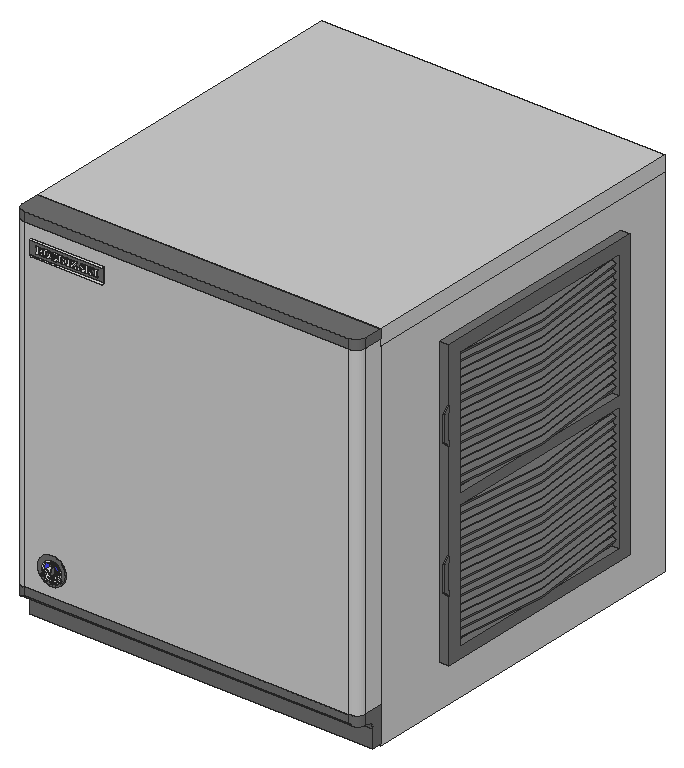
Revit family "QF_HOSHIZAKI_KMD-210ABE-HC", category Specialty Equipment, Revit 2016
Family settings
  Part Type = Normal
  Round Connector Dimension = Use Diameter
  OmniClass Number = 23.40.40.14
  OmniClass Title = Food Service Equipment
  Work Plane-Based = No
  Always vertical = Yes
  Cut with Voids When Loaded = No
  Shared = No
  Room Calculation Point = No
Parameters (values of type "KMD-210ABE-HC_230V/1Ph/50Hz")
  Weight = 57.00 kg
  Waste Remarks [instance] = ""
  Volts = 230 V
  URL Cutsheet = ""
  URL = "www.hoshizaki-europe.com"
  Status [instance] = ""
  Specification by User [instance] = ""
  Specification by Manufacturer [instance] = ""
  Serial Number = ""
  Seismic Rating = ""
  SMACNA No = ""
  Revision Code [instance] = ""
  Phase = 1
  Number of Poles = 2
  NAFEM Spec ID Number = ""
  Model = "KMD-210ABE-HC"
  Min Ckt Ampacity = 0 A
  Max Overcurrent Protection = 0 A
  Masterspec = ""
  Manufacturer = "HOSHIZAKI"
  Length Actual = 560 mm
  Item Number [instance] = ""
  Installed By [instance] = ""
  Indirect Waste Size = 19.05 mm
  Indirect Waste Connection Type [instance] = ""
  Indirect Waste Connection Height [instance] = 31 mm
  Identify Quantity as Lot [instance] = no
  Height Actual = 610 mm
  HP power = ""
  Furnished By [instance] = ""
  Foodservice Equipment Identifier [instance] = yes
  FL Amps = 2.95 A
  Electric power = 680 W
  Electric Connection Type [instance] = ""
  Elec Conn RI Height [instance] = 0 mm
  Elec Conn Connection Height [instance] = 587 mm
  Direct Waste RI Height [instance] = 0 mm
  Description = "MODULAR KM ICE MAKER, 275KG PER 24 HOURS, CRESCENT\r\n"
  Depth Actual = 625 mm
  Cycle = 50 Hz
  Cost = 0
  Conn Plug = ""
  Conn Conduit = no
  Cold Water Temperature Recommended = 0 °C
  Cold Water Size = 12.7 mm
  Cold Water Flow = 0.0 L/s
  Cold Water Connection Height [instance] = 546 mm
  CSI MasterFormat = ""
  Assembly Code = "E1090320"
  Apparent Power = 680 VA
  Accessory = no
Reference planes
  plane 1 "Center (Front/Back)": y = 0
  plane 2: z = 0
  plane 3 "Center (Left/Right)": x = 0
Forms (mm)
  Extrusion 1, solid, not visible
    sketch origin (506, -2, 586) x (1, 0, 0) y (0, 1, 0)
      loop
        line (0, 0) -> (2, 0) -> (2, 2) -> (0, 2) -> (0, 0)
    from 0 to 2
  Extrusion 2, solid, not visible
    sketch origin (323, -2, 545) x (1, 0, 0) y (0, 1, 0)
      loop
        line (0, 0) -> (2, 0) -> (2, 2) -> (0, 2) -> (0, 0)
    from 0 to 2
  Extrusion 3, solid, not visible
    sketch origin (385, -2, 30) x (1, 0, 0) y (0, 1, 0)
      loop
        line (0, 0) -> (2, 0) -> (2, 2) -> (0, 2) -> (0, 0)
    from 0 to 2
Dimensions and locks
  aligned and locked: level to plane 2
Nested families
  nested 1: "QF_HOSHIZAKI_KMD-210ABE-HC_230V_1Ph_50Hz" at (0, 0, 0), type "KMD-210ABE-HC_230V/1Ph/50Hz"
    with Show Logo yes, Show Clearance yes
Connectors
  electrical at (507, 0, 587), driven by "Apparent Power", driven by "Number of Poles", driven by "Volts"
    settings: on Extrusion 1, index 1, voltage 230 V, apparent load 0 VA, apparent load phase1 680 VA, apparent load phase2 0 VA, apparent load phase3 0 VA, power factor 1, load classification "Other", number of poles 2, system type 31, power factor state 1, is connector primary yes, connector utility no, sub classification motor no, connector description "Electric connection for 'KMD-210ABE-HC'"
  piping at (324, 0, 546), diameter 12.7, driven by "Cold Water Size", driven by "Cold Water Flow"
    settings: on Extrusion 2, index 2, connector inside diameter 609.6 mm, connector length 0 mm, flow factor 0, pipe flow 0.0 L/s, pressure drop 0.0 Pa, fitting loss kfactor 0, connector angle 0.00°, fixture units 0, engagement length 0 mm, angle of deflection 0.00°, flow configuration 1, flow direction 1, fitting loss method 0, system type 20, joint type 0, gender type 0, connector reference index -1, connector utility 0, adjustable connector no, is connector primary yes, connector description "Cold Water connection for 'KMD-210ABE-HC'"
  piping at (386, 0, 31), diameter 19.05, driven by "Indirect Waste Size"
    settings: on Extrusion 3, index 3, connector inside diameter 609.6 mm, connector length 0 mm, flow factor 0, pipe flow 0.0 L/s, pressure drop 0.0 Pa, fitting loss kfactor 0, connector angle 0.00°, fixture units 0, engagement length 0 mm, angle of deflection 0.00°, flow configuration 1, flow direction 2, fitting loss method 0, system type 16, joint type 0, gender type 0, connector reference index -1, connector utility 0, adjustable connector no, is connector primary no, connector description "Drain connection for 'KMD-210ABE-HC'"
Definition of nested family "QF_HOSHIZAKI_KMD-210ABE-HC_230V_1Ph_50Hz"
  Parameters (values of type "KMD-210ABE-HC_230V/1Ph/50Hz")
    URL = "www.hoshizaki-europe.com"
    Show Logo [instance] = yes
    Show Clearance [instance] = yes
    Model = "KMD-210ABE-HC"
    Manufacturer = "HOSHIZAKI"
    Description = "MODULAR KM ICE MAKER, 275KG PER 24 HOURS, CRESCENT"
    Assembly Code = "E1090320"
  Reference planes
    plane 1 "Back": y = 0
    plane 2: z = 0
    plane 3 "Left": x = 0
    plane 4 "Right": x = 560
    plane 5 "Front": y = -625
    plane 6 "Top": z = 610
  Forms (mm)
    Extrusion 1, solid
      sketch origin (0, 0, 40) x (0, 1, 0) y (0, 0, 1)
        loop
          line (0, -40) -> (0, 545) -> (-580, 545) -> (-580, -40) -> (0, -40)
      from 0 to 560
    Extrusion 2, solid
      sketch origin (0, 0, -85) x (0, 1, 0) y (0, 0, 1)
        loop
          line (-580, 695) -> (-580, 670) -> (0, 670) -> (0, 695) -> (-580, 695)
      from 560 to 0
    Extrusion 3, solid
      sketch origin (386, 5, 31) x (1, 0, 0) y (0, 0, 1)
        loop
          circle (0, 0) r 14
        loop
          circle (0, 0) r 12
      from 0 to 5
    Extrusion 4, solid
      sketch origin (324, 5, 546) x (1, 0, 0) y (0, 0, 1)
        loop
          circle (0, 0) r 14
        loop
          circle (0, 0) r 12
      from 0 to 5
    Extrusion 5, solid, visible <- "Show Logo"
      sketch origin (0, -625, 0) x (-1, 0, 0) y (0, 0, 1)
        loop
          line (-34.966, 567.015) -> (-40.766, 567.015) -> (-40.766, 565.73) -> (-38.944, 564.902) -> (-38.944, 562.682) -> (-43.554, 562.682) -> (-43.554, 564.902) -> (-41.731, 565.73) -> (-41.731, 567.015) -> (-47.532, 567.015) -> (-47.532, 565.73) -> (-46.098, 564.902) -> (-46.098, 558.114) -> (-47.532, 557.286) -> (-47.532, 556) -> (-41.731, 556) -> (-41.731, 557.286) -> (-43.554, 558.114) -> (-43.554, 560.673) -> (-38.944, 560.673) -> (-38.944, 558.114) -> (-40.766, 557.286) -> (-40.766, 556) -> (-34.966, 556) -> (-34.966, 557.286) -> (-36.4, 558.114) -> (-36.4, 564.902) -> (-34.966, 565.73) -> (-34.966, 567.015)
        loop
          spline (-53.399, 556.042) -> (-51.878, 556.229) -> (-50.461, 556.777) -> (-49.244, 557.649) -> (-48.31, 558.785) -> (-47.723, 560.108) -> (-47.523, 561.528) -> (-47.723, 562.949) -> (-48.31, 564.272) -> (-49.244, 565.408) -> (-50.461, 566.28) -> (-51.878, 566.828) -> (-53.399, 567.015)
          spline (-53.399, 567.015) -> (-54.92, 566.828) -> (-56.337, 566.28) -> (-57.554, 565.408) -> (-58.488, 564.272) -> (-59.075, 562.949) -> (-59.276, 561.528) -> (-59.075, 560.108) -> (-58.488, 558.785) -> (-57.554, 557.649) -> (-56.337, 556.777) -> (-54.92, 556.229) -> (-53.399, 556.042)
        loop
          spline (-53.299, 557.388) -> (-52.547, 557.529) -> (-51.847, 557.943) -> (-51.245, 558.601) -> (-50.784, 559.458) -> (-50.493, 560.457) -> (-50.394, 561.528) -> (-50.493, 562.6) -> (-50.784, 563.598) -> (-51.245, 564.456) -> (-51.847, 565.114) -> (-52.547, 565.527) -> (-53.299, 565.668)
          spline (-53.299, 565.668) -> (-54.051, 565.527) -> (-54.752, 565.114) -> (-55.353, 564.456) -> (-55.815, 563.598) -> (-56.105, 562.6) -> (-56.204, 561.528) -> (-56.105, 560.457) -> (-55.815, 559.458) -> (-55.353, 558.601) -> (-54.752, 557.943) -> (-54.051, 557.529) -> (-53.299, 557.388)
        loop
          line (-69.829, 567.094) -> (-69.829, 563.369) -> (-68.139, 563.369) -> (-66.541, 565.495)
          arc (-66.541, 565.495) -> (-65.019, 565.695) -> (-63.498, 565.495) r 5.879
          arc (-63.498, 565.495) -> (-62.682, 564.432) -> (-63.498, 563.369) r 1.1
          line (-63.498, 563.369) -> (-69.29, 561.817)
          arc (-69.29, 561.817) -> (-70.234, 559.317) -> (-69.29, 556.817) r 3.783
          arc (-69.29, 556.817) -> (-65.84, 555.742) -> (-62.391, 556.817) r 6.071
          line (-62.391, 556.817) -> (-61.743, 556.17) -> (-59.855, 556.17) -> (-59.855, 559.779) -> (-61.862, 559.779) -> (-63.839, 557.802)
          arc (-63.839, 557.802) -> (-65.344, 557.537) -> (-66.85, 557.802) r 4.401
          arc (-66.85, 557.802) -> (-67.476, 558.697) -> (-66.85, 559.592) r 0.953
          line (-66.85, 559.592) -> (-61.612, 561.499)
          arc (-61.612, 561.499) -> (-59.989, 563.999) -> (-61.612, 566.499) r 2.737
          arc (-61.612, 566.499) -> (-64.578, 567.129) -> (-67.544, 566.499) r 7.289
          line (-67.544, 566.499) -> (-68.139, 567.094) -> (-69.829, 567.094)
        loop
          line (-71.301, 567.015) -> (-77.102, 567.015) -> (-77.102, 565.73) -> (-75.279, 564.902) -> (-75.279, 562.682) -> (-79.89, 562.682) -> (-79.89, 564.902) -> (-78.067, 565.73) -> (-78.067, 567.015) -> (-83.867, 567.015) -> (-83.867, 565.73) -> (-82.433, 564.902) -> (-82.433, 558.114) -> (-83.867, 557.286) -> (-83.867, 556) -> (-78.067, 556) -> (-78.067, 557.286) -> (-79.89, 558.114) -> (-79.89, 560.673) -> (-75.279, 560.673) -> (-75.279, 558.114) -> (-77.102, 557.286) -> (-77.102, 556) -> (-71.301, 556) -> (-71.301, 557.286) -> (-72.736, 558.114) -> (-72.736, 564.902) -> (-71.301, 565.73) -> (-71.301, 567.015)
        loop
          line (-90.776, 567.015) -> (-90.776, 565.73) -> (-89.342, 564.902) -> (-89.342, 558.114) -> (-90.776, 557.286) -> (-90.776, 556) -> (-84.989, 556) -> (-84.989, 557.286) -> (-86.423, 558.114) -> (-86.423, 564.902) -> (-84.989, 565.73) -> (-84.989, 567.015) -> (-90.776, 567.015)
        loop
          line (-92.073, 567.015) -> (-101.842, 567.015) -> (-101.842, 565.297) -> (-95.543, 557.791) -> (-98.873, 557.791) -> (-100.144, 558.681) -> (-100.144, 560.456) -> (-101.842, 560.456) -> (-101.842, 556) -> (-92.073, 556) -> (-92.073, 557.791) -> (-97.907, 564.744) -> (-97.907, 565.637) -> (-94.625, 565.637) -> (-93.746, 564.758) -> (-93.746, 562.341) -> (-92.073, 562.341) -> (-92.073, 567.015)
        loop
          line (-102.808, 556) -> (-102.808, 557.427) -> (-103.934, 557.427) -> (-107.808, 567.015) -> (-109.97, 567.015) -> (-113.886, 557.791) -> (-114.741, 557.791) -> (-114.741, 556) -> (-109.113, 556) -> (-109.113, 557.427) -> (-110.221, 557.427) -> (-111.13, 558.335) -> (-110.247, 559.596) -> (-106.153, 559.596) -> (-105.593, 558.058) -> (-106.224, 557.427) -> (-107.808, 557.427) -> (-107.808, 556) -> (-102.808, 556)
        loop
          line (-115.159, 567.015) -> (-120.444, 567.015) -> (-120.444, 565.595) -> (-119.405, 565.595) -> (-119.405, 561.351) -> (-123.648, 565.595) -> (-122.274, 565.595) -> (-122.274, 567.015) -> (-127.274, 567.015) -> (-127.274, 565.595) -> (-125.79, 565.595) -> (-123.002, 562.806) -> (-127.274, 557.791) -> (-128.486, 557.791) -> (-128.486, 556) -> (-122.274, 556) -> (-122.274, 557.791) -> (-123.993, 557.791) -> (-120.99, 560.794) -> (-119.405, 559.209) -> (-119.405, 557.791) -> (-120.444, 557.791) -> (-120.444, 556) -> (-115.444, 556) -> (-115.444, 557.791) -> (-116.869, 557.791) -> (-116.869, 565.595) -> (-115.159, 565.595) -> (-115.159, 567.015)
        loop
          line (-135, 567.015) -> (-135, 565.73) -> (-133.566, 564.902) -> (-133.566, 558.114) -> (-135, 557.286) -> (-135, 556) -> (-129.213, 556) -> (-129.213, 557.286) -> (-130.648, 558.114) -> (-130.648, 564.902) -> (-129.213, 565.73) -> (-129.213, 567.015) -> (-135, 567.015)
        loop
          line (-108.15, 564.538) -> (-109.61, 561.096) -> (-106.759, 561.096) -> (-108.15, 564.538)
      from 1 to -1.5
    Extrusion 6, solid, visible <- "Show Logo"
      sketch origin (0, -625, 0) x (-1, 0, 0) y (0, 0, 1)
        loop
          line (-25, 572) -> (-145, 572) -> (-145, 551) -> (-25, 551) -> (-25, 572)
      from 1 to -1
    Extrusion 7, solid, visible <- "Show Logo"
      sketch origin (0, -625, 0) x (-1, 0, 0) y (0, 0, 1)
        loop
          line (-28, 575) -> (-142, 575)
          arc (-142, 575) -> (-144.121, 574.121) -> (-145, 572) r 3
          line (-145, 572) -> (-25, 572)
          arc (-25, 572) -> (-25.879, 574.121) -> (-28, 575) r 3
        loop
          line (-142, 548) -> (-28, 548)
          arc (-28, 548) -> (-25.879, 548.879) -> (-25, 551) r 3
          line (-25, 551) -> (-145, 551)
          arc (-145, 551) -> (-144.121, 548.879) -> (-142, 548) r 3
      from 1 to -1
    Extrusion 8, solid
      sketch origin (0, 0, 0) x (1, 0, 0) y (0, 1, 0)
        loop
          line (15, -625) -> (545, -625)
          arc (545, -625) -> (555.607, -620.607) -> (560, -610) r 15
          line (560, -610) -> (560, -580) -> (0, -580) -> (0, -610)
          arc (0, -610) -> (4.393, -620.607) -> (15, -625) r 15
      from 595 to 610
    Extrusion 9, solid
      sketch origin (0, 0, 2) x (1, 0, 0) y (0, 1, 0)
        loop
          line (0, -580) -> (0, -610)
          arc (0, -610) -> (4.393, -620.607) -> (15, -625) r 15
          line (15, -625) -> (545, -625)
          arc (545, -625) -> (555.607, -620.607) -> (560, -610) r 15
          line (560, -610) -> (560, -580) -> (0, -580)
      from 593 to 58
    Extrusion 10, solid, visible <- "Show Logo"
      sketch origin (519.884, -624.5, -1762.5) x (-1, 0, 0) y (0, 0, -1)
        loop
          circle (459.884, -1862.5) r 13.99
      from -0.5 to 2
    Extrusion 11, solid, visible <- "Show Logo"
      sketch origin (519.884, -625, -1762.5) x (-1, 0, 0) y (0, 0, -1)
        loop
          circle (459.884, -1862.5) r 15
        loop
          arc (446.884, -1862.5) -> (460.705, -1875.474) -> (472.781, -1860.863) r 13
          line (472.781, -1860.863) -> (470.355, -1858.437) -> (469.346, -1862.201) -> (466.355, -1863.928) -> (465.024, -1865.26) -> (463.375, -1865.26) -> (462.04, -1870.241) -> (457.755, -1870.241) -> (459.339, -1867.979) -> (460.402, -1864.014) -> (461.224, -1860.945) -> (462.416, -1856.497) -> (461.216, -1855.297) -> (459.433, -1857.843) -> (455.784, -1851.523) -> (460.361, -1851.523) -> (461.471, -1853.446) -> (469.213, -1853.446)
          arc (469.213, -1853.446) -> (460.394, -1849.51) -> (451.293, -1852.743) r 13
          line (451.293, -1852.743) -> (455.577, -1853.891) -> (453.752, -1856.497) -> (455.349, -1856.497) -> (454.477, -1866.459) -> (452.538, -1866.459) -> (446.884, -1862.5)
        loop
          line (447.853, -1857.467) -> (452.313, -1861.926) -> (450.144, -1853.891)
          arc (450.144, -1853.891) -> (448.878, -1855.602) -> (447.853, -1857.467) r 15.828
        loop
          line (463.583, -1862.877) -> (466.64, -1862.399) -> (464.901, -1861.285) -> (463.583, -1857.664) -> (463.583, -1862.877)
        loop
          line (464.827, -1855.979) -> (468.296, -1856.908) -> (469.573, -1854.916) -> (468.881, -1854.224) -> (467.914, -1855.035) -> (464.827, -1855.979)
        loop
          line (462.609, -1872.307) -> (462.609, -1874.009) -> (464.927, -1873.388) -> (462.609, -1872.307)
        loop
          line (460.361, -1874.662) -> (459.594, -1873.335) -> (460.801, -1872.638) -> (459.186, -1872.205) -> (458.298, -1874.11) -> (460.361, -1874.662)
        loop
          line (459.623, -1846.783) -> (460.706, -1845.701) -> (462.247, -1845.701) -> (461.191, -1844.645) -> (461.503, -1842.874) -> (459.623, -1843.959) -> (457.743, -1842.874) -> (458.055, -1844.645) -> (456.999, -1845.701) -> (458.54, -1845.701) -> (459.623, -1846.783)
        loop
          line (446.86, -1853.7) -> (446.594, -1852.191) -> (447.478, -1850.929) -> (446.007, -1851.188) -> (444.736, -1849.917) -> (444.547, -1852.08) -> (442.579, -1852.997) -> (444.209, -1853.757) -> (444.468, -1855.228) -> (445.352, -1853.965) -> (446.86, -1853.7)
        loop
          line (452.395, -1848.68) -> (452.856, -1847.219) -> (454.223, -1846.508) -> (452.799, -1846.059) -> (452.258, -1844.344) -> (451.091, -1846.175) -> (448.922, -1846.08) -> (450.017, -1847.507) -> (449.568, -1848.931) -> (450.935, -1848.219) -> (452.395, -1848.68)
        loop
          line (472.909, -1853.7) -> (474.417, -1853.965) -> (475.301, -1855.228) -> (475.56, -1853.757) -> (477.19, -1852.997) -> (475.222, -1852.08) -> (475.033, -1849.917) -> (473.761, -1851.188) -> (472.291, -1850.929) -> (473.175, -1852.191) -> (472.909, -1853.7)
        loop
          line (467.374, -1848.68) -> (468.834, -1848.219) -> (470.201, -1848.931) -> (469.752, -1847.507) -> (470.847, -1846.08) -> (468.678, -1846.175) -> (467.511, -1844.344) -> (466.97, -1846.059) -> (465.546, -1846.508) -> (466.913, -1847.219) -> (467.374, -1848.68)
      from 0 to 2
    Extrusion 12, solid, visible <- "Show Logo"
      sketch origin (519.884, -625, -1762.5) x (-1, 0, 0) y (0, 0, -1)
        loop
          line (462.609, -1874.009) -> (462.609, -1872.307) -> (462.085, -1870.241) -> (457.755, -1870.241) -> (459.339, -1867.979) -> (462.416, -1856.497) -> (461.216, -1855.297) -> (459.433, -1857.843) -> (455.808, -1851.565) -> (453.948, -1851.565) -> (455.577, -1853.891) -> (454.477, -1866.459) -> (456.345, -1871.339)
          arc (456.345, -1871.339) -> (456.868, -1874.025) -> (459.213, -1875.435) r 3.366
          arc (459.213, -1875.435) -> (460.198, -1875.496) -> (461.183, -1875.435) r 8.046
          line (461.183, -1875.435) -> (462.609, -1874.009)
        loop
          line (456.854, -1851.523) -> (460.361, -1851.523) -> (460.916, -1852.485) -> (462.702, -1852.485) -> (463.779, -1851.407) -> (460.623, -1851.407) -> (461.563, -1850.468) -> (456.245, -1850.468) -> (456.854, -1851.523)
        loop
          line (460.361, -1874.662) -> (459.594, -1873.335) -> (460.801, -1872.638) -> (459.186, -1872.205) -> (458.298, -1874.11) -> (460.361, -1874.662)
      from 0 to 2
    Extrusion 13, solid, visible <- "Show Logo"
      sketch origin (-265.5, -624, -338.904) x (1, 0, 0) y (0, 0, 1)
        loop
          circle (325.5, 438.904) r 22.5
      from 0 to 2
    Extrusion 14, solid
      sketch origin (432, -990, 209.5) x (-1, 0, 0) y (0, 0, 1)
        loop
          line (-128, 310.5) -> (-131, 310.5) -> (-131, -121.474) -> (-128, -121.474) -> (-128, 310.5)
      from 878 to 552
    Extrusion 15, solid
      sketch origin (560, -475, 61) x (0, -1, 0) y (0, 0, 1)
        loop
          line (-15, 9) -> (-15, 479) -> (-385, 479) -> (-385, 9) -> (-15, 9)
        loop
          line (-37, 459) -> (-363, 459) -> (-363, 251.013) -> (-37, 251.013) -> (-37, 459)
        loop
          line (-363, 27.026) -> (-37, 27.026) -> (-37, 235.013) -> (-363, 235.013) -> (-363, 27.026)
      from 0 to -16
    Extrusion 16, solid
      sketch origin (178.885, -588.25, 735.605) x (0, 1, 0) y (-0.866025, 0, 0.5)
        loop
          line (150.25, -443) -> (150.25, -450.484)
          arc (150.25, -450.484) -> (313.287, -462.644) -> (476.25, -449.54) r 1057.927
          line (476.25, -449.54) -> (476.25, -443) -> (150.25, -443)
      from 2 to 5
    Extrusion 17, solid
      sketch origin (178.885, -588.25, 723.605) x (0, 1, 0) y (-0.866025, 0, 0.5)
        loop
          line (150.25, -443) -> (150.25, -450.484)
          arc (150.25, -450.484) -> (313.287, -462.644) -> (476.25, -449.54) r 1057.927
          line (476.25, -449.54) -> (476.25, -443) -> (150.25, -443)
      from 2 to 5
    Extrusion 18, solid
      sketch origin (178.885, -588.25, 711.605) x (0, 1, 0) y (-0.866025, 0, 0.5)
        loop
          line (150.25, -443) -> (150.25, -450.484)
          arc (150.25, -450.484) -> (313.287, -462.644) -> (476.25, -449.54) r 1057.927
          line (476.25, -449.54) -> (476.25, -443) -> (150.25, -443)
      from 2 to 5
    Extrusion 19, solid
      sketch origin (178.885, -588.25, 699.605) x (0, 1, 0) y (-0.866025, 0, 0.5)
        loop
          line (150.25, -443) -> (150.25, -450.484)
          arc (150.25, -450.484) -> (313.287, -462.644) -> (476.25, -449.54) r 1057.927
          line (476.25, -449.54) -> (476.25, -443) -> (150.25, -443)
      from 2 to 5
    Extrusion 20, solid
      sketch origin (178.885, -588.25, 687.605) x (0, 1, 0) y (-0.866025, 0, 0.5)
        loop
          line (150.25, -443) -> (150.25, -450.484)
          arc (150.25, -450.484) -> (313.287, -462.644) -> (476.25, -449.54) r 1057.927
          line (476.25, -449.54) -> (476.25, -443) -> (150.25, -443)
      from 2 to 5
    Extrusion 21, solid
      sketch origin (178.885, -588.25, 675.605) x (0, 1, 0) y (-0.866025, 0, 0.5)
        loop
          line (150.25, -443) -> (150.25, -450.484)
          arc (150.25, -450.484) -> (313.287, -462.644) -> (476.25, -449.54) r 1057.927
          line (476.25, -449.54) -> (476.25, -443) -> (150.25, -443)
      from 2 to 5
    Extrusion 22, solid
      sketch origin (178.885, -588.25, 663.605) x (0, 1, 0) y (-0.866025, 0, 0.5)
        loop
          line (150.25, -443) -> (150.25, -450.484)
          arc (150.25, -450.484) -> (313.287, -462.644) -> (476.25, -449.54) r 1057.927
          line (476.25, -449.54) -> (476.25, -443) -> (150.25, -443)
      from 2 to 5
    Extrusion 23, solid
      sketch origin (178.885, -588.25, 651.605) x (0, 1, 0) y (-0.866025, 0, 0.5)
        loop
          line (150.25, -443) -> (150.25, -450.484)
          arc (150.25, -450.484) -> (313.287, -462.644) -> (476.25, -449.54) r 1057.927
          line (476.25, -449.54) -> (476.25, -443) -> (150.25, -443)
      from 2 to 5
    Extrusion 24, solid
      sketch origin (178.885, -588.25, 639.605) x (0, 1, 0) y (-0.866025, 0, 0.5)
        loop
          line (150.25, -443) -> (150.25, -450.484)
          arc (150.25, -450.484) -> (313.287, -462.644) -> (476.25, -449.54) r 1057.927
          line (476.25, -449.54) -> (476.25, -443) -> (150.25, -443)
      from 2 to 5
    Extrusion 25, solid
      sketch origin (178.885, -588.25, 627.605) x (0, 1, 0) y (-0.866025, 0, 0.5)
        loop
          line (150.25, -443) -> (150.25, -450.484)
          arc (150.25, -450.484) -> (313.287, -462.644) -> (476.25, -449.54) r 1057.927
          line (476.25, -449.54) -> (476.25, -443) -> (150.25, -443)
      from 2 to 5
    Extrusion 26, solid
      sketch origin (178.885, -588.25, 615.605) x (0, 1, 0) y (-0.866025, 0, 0.5)
        loop
          line (150.25, -443) -> (150.25, -450.484)
          arc (150.25, -450.484) -> (313.287, -462.644) -> (476.25, -449.54) r 1057.927
          line (476.25, -449.54) -> (476.25, -443) -> (150.25, -443)
      from 2 to 5
    Extrusion 27, solid
      sketch origin (178.885, -588.25, 603.605) x (0, 1, 0) y (-0.866025, 0, 0.5)
        loop
          line (150.25, -443) -> (150.25, -450.484)
          arc (150.25, -450.484) -> (313.287, -462.644) -> (476.25, -449.54) r 1057.927
          line (476.25, -449.54) -> (476.25, -443) -> (150.25, -443)
      from 2 to 5
    Extrusion 28, solid
      sketch origin (178.885, -588.25, 591.605) x (0, 1, 0) y (-0.866025, 0, 0.5)
        loop
          line (150.25, -443) -> (150.25, -450.484)
          arc (150.25, -450.484) -> (313.287, -462.644) -> (476.25, -449.54) r 1057.927
          line (476.25, -449.54) -> (476.25, -443) -> (150.25, -443)
      from 2 to 5
    Extrusion 29, solid
      sketch origin (178.885, -588.25, 579.605) x (0, 1, 0) y (-0.866025, 0, 0.5)
        loop
          line (150.25, -443) -> (150.25, -450.484)
          arc (150.25, -450.484) -> (313.287, -462.644) -> (476.25, -449.54) r 1057.927
          line (476.25, -449.54) -> (476.25, -443) -> (150.25, -443)
      from 2 to 5
    Extrusion 30, solid
      sketch origin (178.885, -588.25, 567.605) x (0, 1, 0) y (-0.866025, 0, 0.5)
        loop
          line (150.25, -443) -> (150.25, -450.484)
          arc (150.25, -450.484) -> (313.287, -462.644) -> (476.25, -449.54) r 1057.927
          line (476.25, -449.54) -> (476.25, -443) -> (150.25, -443)
      from 2 to 5
    Extrusion 31, solid
      sketch origin (178.885, -588.25, 555.605) x (0, 1, 0) y (-0.866025, 0, 0.5)
        loop
          line (150.25, -443) -> (150.25, -450.484)
          arc (150.25, -450.484) -> (313.287, -462.644) -> (476.25, -449.54) r 1057.927
          line (476.25, -449.54) -> (476.25, -443) -> (150.25, -443)
      from 2 to 5
    Extrusion 32, solid
      sketch origin (178.885, -588.25, 543.605) x (0, 1, 0) y (-0.866025, 0, 0.5)
        loop
          line (150.25, -443) -> (150.25, -450.484)
          arc (150.25, -450.484) -> (313.287, -462.644) -> (476.25, -449.54) r 1057.927
          line (476.25, -449.54) -> (476.25, -443) -> (150.25, -443)
      from 2 to 5
    Extrusion 33, solid
      sketch origin (178.885, -588.25, 511.618) x (0, 1, 0) y (-0.866025, 0, 0.5)
        loop
          line (150.25, -443) -> (150.25, -450.484)
          arc (150.25, -450.484) -> (313.287, -462.644) -> (476.25, -449.54) r 1057.927
          line (476.25, -449.54) -> (476.25, -443) -> (150.25, -443)
      from 2 to 5
    Extrusion 34, solid
      sketch origin (178.885, -588.25, 499.618) x (0, 1, 0) y (-0.866025, 0, 0.5)
        loop
          line (150.25, -443) -> (150.25, -450.484)
          arc (150.25, -450.484) -> (313.287, -462.644) -> (476.25, -449.54) r 1057.927
          line (476.25, -449.54) -> (476.25, -443) -> (150.25, -443)
      from 2 to 5
    Extrusion 35, solid
      sketch origin (178.885, -588.25, 487.618) x (0, 1, 0) y (-0.866025, 0, 0.5)
        loop
          line (150.25, -443) -> (150.25, -450.484)
          arc (150.25, -450.484) -> (313.287, -462.644) -> (476.25, -449.54) r 1057.927
          line (476.25, -449.54) -> (476.25, -443) -> (150.25, -443)
      from 2 to 5
    Extrusion 36, solid
      sketch origin (178.885, -588.25, 475.618) x (0, 1, 0) y (-0.866025, 0, 0.5)
        loop
          line (150.25, -443) -> (150.25, -450.484)
          arc (150.25, -450.484) -> (313.287, -462.644) -> (476.25, -449.54) r 1057.927
          line (476.25, -449.54) -> (476.25, -443) -> (150.25, -443)
      from 2 to 5
    Extrusion 37, solid
      sketch origin (178.885, -588.25, 463.618) x (0, 1, 0) y (-0.866025, 0, 0.5)
        loop
          line (150.25, -443) -> (150.25, -450.484)
          arc (150.25, -450.484) -> (313.287, -462.644) -> (476.25, -449.54) r 1057.927
          line (476.25, -449.54) -> (476.25, -443) -> (150.25, -443)
      from 2 to 5
    Extrusion 38, solid
      sketch origin (178.885, -588.25, 451.618) x (0, 1, 0) y (-0.866025, 0, 0.5)
        loop
          line (150.25, -443) -> (150.25, -450.484)
          arc (150.25, -450.484) -> (313.287, -462.644) -> (476.25, -449.54) r 1057.927
          line (476.25, -449.54) -> (476.25, -443) -> (150.25, -443)
      from 2 to 5
    Extrusion 39, solid
      sketch origin (178.885, -588.25, 439.618) x (0, 1, 0) y (-0.866025, 0, 0.5)
        loop
          line (150.25, -443) -> (150.25, -450.484)
          arc (150.25, -450.484) -> (313.287, -462.644) -> (476.25, -449.54) r 1057.927
          line (476.25, -449.54) -> (476.25, -443) -> (150.25, -443)
      from 2 to 5
    Extrusion 40, solid
      sketch origin (178.885, -588.25, 427.618) x (0, 1, 0) y (-0.866025, 0, 0.5)
        loop
          line (150.25, -443) -> (150.25, -450.484)
          arc (150.25, -450.484) -> (313.287, -462.644) -> (476.25, -449.54) r 1057.927
          line (476.25, -449.54) -> (476.25, -443) -> (150.25, -443)
      from 2 to 5
    Extrusion 41, solid
      sketch origin (178.885, -588.25, 415.618) x (0, 1, 0) y (-0.866025, 0, 0.5)
        loop
          line (150.25, -443) -> (150.25, -450.484)
          arc (150.25, -450.484) -> (313.287, -462.644) -> (476.25, -449.54) r 1057.927
          line (476.25, -449.54) -> (476.25, -443) -> (150.25, -443)
      from 2 to 5
    Extrusion 42, solid
      sketch origin (178.885, -588.25, 403.618) x (0, 1, 0) y (-0.866025, 0, 0.5)
        loop
          line (150.25, -443) -> (150.25, -450.484)
          arc (150.25, -450.484) -> (313.287, -462.644) -> (476.25, -449.54) r 1057.927
          line (476.25, -449.54) -> (476.25, -443) -> (150.25, -443)
      from 2 to 5
    Extrusion 43, solid
      sketch origin (178.885, -588.25, 391.618) x (0, 1, 0) y (-0.866025, 0, 0.5)
        loop
          line (150.25, -443) -> (150.25, -450.484)
          arc (150.25, -450.484) -> (313.287, -462.644) -> (476.25, -449.54) r 1057.927
          line (476.25, -449.54) -> (476.25, -443) -> (150.25, -443)
      from 2 to 5
    Extrusion 44, solid
      sketch origin (178.885, -588.25, 379.618) x (0, 1, 0) y (-0.866025, 0, 0.5)
        loop
          line (150.25, -443) -> (150.25, -450.484)
          arc (150.25, -450.484) -> (313.287, -462.644) -> (476.25, -449.54) r 1057.927
          line (476.25, -449.54) -> (476.25, -443) -> (150.25, -443)
      from 2 to 5
    Extrusion 45, solid
      sketch origin (178.885, -588.25, 367.618) x (0, 1, 0) y (-0.866025, 0, 0.5)
        loop
          line (150.25, -443) -> (150.25, -450.484)
          arc (150.25, -450.484) -> (313.287, -462.644) -> (476.25, -449.54) r 1057.927
          line (476.25, -449.54) -> (476.25, -443) -> (150.25, -443)
      from 2 to 5
    Extrusion 46, solid
      sketch origin (178.885, -588.25, 355.618) x (0, 1, 0) y (-0.866025, 0, 0.5)
        loop
          line (150.25, -443) -> (150.25, -450.484)
          arc (150.25, -450.484) -> (313.287, -462.644) -> (476.25, -449.54) r 1057.927
          line (476.25, -449.54) -> (476.25, -443) -> (150.25, -443)
      from 2 to 5
    Extrusion 47, solid
      sketch origin (178.885, -588.25, 343.618) x (0, 1, 0) y (-0.866025, 0, 0.5)
        loop
          line (150.25, -443) -> (150.25, -450.484)
          arc (150.25, -450.484) -> (313.287, -462.644) -> (476.25, -449.54) r 1057.927
          line (476.25, -449.54) -> (476.25, -443) -> (150.25, -443)
      from 2 to 5
    Extrusion 48, solid
      sketch origin (178.885, -588.25, 331.618) x (0, 1, 0) y (-0.866025, 0, 0.5)
        loop
          line (150.25, -443) -> (150.25, -450.484)
          arc (150.25, -450.484) -> (313.287, -462.644) -> (476.25, -449.54) r 1057.927
          line (476.25, -449.54) -> (476.25, -443) -> (150.25, -443)
      from 2 to 5
    Extrusion 49, solid
      sketch origin (178.885, -588.25, 319.618) x (0, 1, 0) y (-0.866025, 0, 0.5)
        loop
          line (150.25, -443) -> (150.25, -450.484)
          arc (150.25, -450.484) -> (313.287, -462.644) -> (476.25, -449.54) r 1057.927
          line (476.25, -449.54) -> (476.25, -443) -> (150.25, -443)
      from 2 to 5
    Extrusion 50, solid
      sketch origin (0, 0, 0) x (0, 1, 0) y (0, 0, 1)
        loop
          line (-625, 60) -> (-625, 47)
          arc (-625, 47) -> (-624.121, 44.879) -> (-622, 44) r 3
          line (-622, 44) -> (-608.703, 44)
          arc (-608.703, 44) -> (-599.673, 40.351) -> (-595.711, 31.454) r 13
          line (-595.711, 31.454) -> (-594.7, 2.5) -> (-580, 2.5) -> (-580, 60) -> (-625, 60)
      from 0 to 560
    Extrusion 51, solid
      sketch origin (774, -607.25, 186) x (0, 1, 0) y (0, 0, 1)
        loop
          line (147.25, 264) -> (138.179, 254.929) -> (138.179, 213.929) -> (147.25, 204.858) -> (147.25, 213.343) -> (144.179, 216.414) -> (144.179, 252.443) -> (147.25, 255.515) -> (147.25, 264)
      from -198 to -200
    Extrusion 52, solid
      sketch origin (774, -607.25, -34) x (0, 1, 0) y (0, 0, 1)
        loop
          line (147.25, 264) -> (138.179, 254.929) -> (138.179, 213.929) -> (147.25, 204.858) -> (147.25, 213.343) -> (144.179, 216.414) -> (144.179, 252.443) -> (147.25, 255.515) -> (147.25, 264)
      from -198 to -200
    Extrusion 53, void
      sketch origin (0, 0, 0) x (1, 0, 0) y (0, 1, 0)
        loop
          line (0, -610) -> (-3, -610) -> (-3, -628) -> (15, -628) -> (15, -625)
          arc (15, -625) -> (4.393, -620.607) -> (0, -610) r 15
        loop
          arc (560, -610) -> (555.607, -620.607) -> (545, -625) r 15
          line (545, -625) -> (545, -628) -> (563, -628) -> (563, -610) -> (560, -610)
      from 39 to 60
  Cuts and joins
    Extrusion 53 cuts Extrusion 50
  Lines and regions (mm)
    symbolic lines
      curve 1: line (0, 0, 0) -> (560, 0, 0)
      curve 2: line (0, -610, 0) -> (0, 0, 0)
      curve 3: line (545, -625, 0) -> (15, -625, 0)
      curve 4: line (560, 0, 0) -> (560, -610, 0)
      curve 5: arc (15, -625, 0) -> (4.393, -620.607, 0) -> (0, -610, 0) r 15
      curve 6: arc (560, -610, 0) -> (555.607, -620.607, 0) -> (545, -625, 0) r 15
      curve 7: line (560, -580, 0) -> (0, -580, 0)
      curve 8: line (560, -90, 0) -> (576, -90, 0)
      curve 9: line (576, -90, 0) -> (576, -460, 0)
      curve 10: line (576, -460, 0) -> (560, -460, 0)
  Dimensions and locks
    plane 3 "Left" to plane 4 "Right" = 560 mm
    plane 5 "Front" to plane 1 "Back" = 625 mm
    plane 6 "Top" to level = 610 mm
    aligned and locked: level to plane 2
